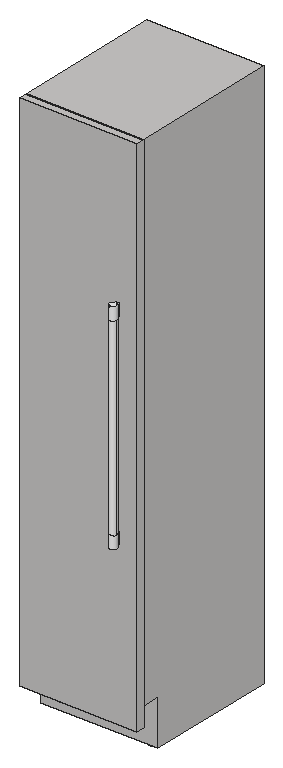
Revit family "T18IF905SP", category Specialty Equipment, Revit 2015
Parameters (values of type "T18IF905SP")
  Width = 451 mm  # constant formula
  Unit = Metal - Stainless Steel
  URL = ""
  Model = "T18IF905SP"  # constant formula
  Manufacturer = ""
  Height = 2134 mm  # constant formula
  Handle = Metal - Steel
  Glide = Metal - Black
  Description = "18-INCH BUILT-IN FREEZER COLUMN WITH INTERNAL ICE MAKER"
  Depth = 610 mm  # constant formula
  Support = Metal - Stainless Steel
Reference planes
  plane 1 "Center (Front/Back)": y = 0
  plane 2: z = 0
  plane 3 "Center (Left/Right)": x = 0
  plane 4: y = 305
  plane 5: y = -305
  plane 6: x = -225.5
  plane 7: x = 225.5
  plane 8: z = 2134
  plane 9: y = -205
  plane 10: z = 103.4
  plane 11: z = 181
  plane 12: z = 2.5
  plane 13: z = 1316.724
  plane 14: z = 948.724
  plane 15: x = -145.553
  plane 16: x = 85.447
  plane 17: z = 1513.009
  plane 18: z = 768.724
  plane 19: x = -225.375
  plane 20: x = 225.375
  plane 21: z = 2132.6
Forms (mm)
  Extrusion 1, solid, material "Metal - Stainless Steel" <- "Unit"
    sketch origin (0, 0, 0) x (1, 0, 0) y (0, 1, 0)
      loop
        line (-225.5, -273.404) -> (-225.5, -305) -> (225.5, -305) -> (225.5, -273.404) -> (-225.5, -273.404)
    from 103.4 to 2132.6
  Extrusion 2, solid, material "Metal - Stainless Steel" <- "Unit"
    sketch origin (0, 0, 0) x (0, 1, 0) y (0, 0, 1)
      loop
        line (-273.404, 181) -> (-205, 181) -> (-205, 2.5) -> (305, 2.5) -> (305, 2134) -> (-273.404, 2134) -> (-273.404, 181)
    from -225.375 to 225.375
  Extrusion 3, solid, material "Metal - Steel" <- "Handle"
    sketch origin (0, 0, 0) x (1, 0, 0) y (0, 1, 0)
      loop
        circle (149.05, -324.579) r 12.76
    from 768.724 to 1513.009
  Extrusion 4, solid, material "Metal - Steel" <- "Handle"
    sketch origin (0, 0, 0) x (1, 0, 0) y (0, 1, 0)
      loop
        arc (143.242, -311.968) -> (149.239, -338.516) -> (154.574, -311.827) r 13.914
        line (154.574, -311.827) -> (154.574, -305) -> (143.242, -305) -> (143.242, -311.968)
    from 1513.009 to 1560.044
  Extrusion 5, solid, material "Metal - Steel" <- "Handle"
    sketch origin (0, 0, -564.285) x (1, 0, 0) y (0, 1, 0)
      loop
        arc (143.242, -311.968) -> (149.239, -338.516) -> (154.574, -311.827) r 13.914
        line (154.574, -311.827) -> (154.574, -305) -> (143.242, -305) -> (143.242, -311.968)
    from 1333.009 to 1287.885
  Extrusion 6, solid, material "Metal - Black" <- "Glide"
    sketch origin (0, 0, 0) x (1, 0, 0) y (0, 1, 0)
      loop
        circle (-190.364, 265.068) r 18
      loop
        circle (190.364, 265.068) r 18
      loop
        circle (-190.364, -183.798) r 18
      loop
        circle (190.364, -183.798) r 18
    from 0 to 2.5
  Extrusion 7, solid, material "Metal - Stainless Steel" <- "Unit"
    sketch origin (0, 0, 0) x (1, 0, 0) y (0, 0, 1)
      loop
        line (-192.436, 69.086) -> (-192.436, 29.086) -> (-152.436, 29.086) -> (-152.436, 69.086) -> (-192.436, 69.086)
    from 205 to 106.498
Cuts and joins
  joined: Extrusion 3, Extrusion 4, Extrusion 5
Dimensions and locks
  equal spacing: plane 6, plane 3 "Center (Left/Right)", plane 7
  "Width": plane 6 to plane 7
  equal spacing: plane 4, plane 1 "Center (Front/Back)", plane 5
  "Depth": plane 4 to plane 5
  "Height": plane 8 to plane 2
  plane 8 to plane 10 = 2030.6 mm
  plane 10 to plane 2 = 103.4 mm
  plane 11 to plane 2 = 181 mm
  plane 9 to plane 5 = 100 mm
  locked: plane 16 to plane 15 at 231
  locked: plane 13 to plane 14 at 368
  equal spacing: plane 19, plane 3 "Center (Left/Right)", plane 20
  aligned and locked: level to plane 2
  aligned and locked: Extrusion 1 sketch curve to plane 6
  aligned and locked: Extrusion 1 sketch curve to plane 7
  aligned and locked: Extrusion 1 sketch curve to plane 5
  aligned and locked: Extrusion 1 to plane 10
  aligned and locked: Extrusion 2 to plane 12
  aligned and locked: Extrusion 4 to Extrusion 3
  aligned and locked: plane 19 to Extrusion 2
  aligned and locked: Extrusion 2 to plane 20
Automatic sketch dimensions
  Extrusion 1 sketch curve to Extrusion 1 sketch curve = 31.596 mm
  Extrusion 2 sketch curve to plane 11 = 0 mm
  Extrusion 2 sketch curve to plane 8 = 0 mm
  Extrusion 2 sketch curve to plane 9 = 0 mm
  Extrusion 2 sketch curve to plane 4 = 0 mm
  Extrusion 2 sketch curve to plane 12 = 0 mm
  plane 5 to Extrusion 2 sketch curve = 31.596 mm
  plane 6 to Extrusion 6 sketch curve = 35.136 mm  (x2)
  Extrusion 6 sketch curve to plane 7 = 35.136 mm  (x2)
  plane 9 to Extrusion 6 sketch curve = 21.202 mm  (x2)
  Extrusion 6 sketch curve to plane 4 = 39.932 mm  (x2)
  Extrusion 3 sketch curve to plane 5 = 19.579 mm
  plane 16 to Extrusion 3 sketch curve = 63.603 mm
  Extrusion 4 sketch curve to plane 5 = 0 mm
  plane 16 to Extrusion 4 sketch curve = 57.794 mm
  Extrusion 4 sketch curve to Extrusion 4 sketch curve = 5.824 mm
  Extrusion 4 sketch curve to Extrusion 4 sketch curve = 11.333 mm
  Extrusion 4 sketch curve to Extrusion 4 sketch curve = 6.827 mm
  Extrusion 4 sketch curve to Extrusion 4 sketch curve = 6.968 mm
  Extrusion 5 sketch curve to plane 5 = 0 mm
  plane 16 to Extrusion 5 sketch curve = 57.794 mm
  Extrusion 5 sketch curve to Extrusion 5 sketch curve = 5.824 mm
  Extrusion 5 sketch curve to Extrusion 5 sketch curve = 11.333 mm
  Extrusion 5 sketch curve to plane 5 = 6.827 mm
  Extrusion 5 sketch curve to Extrusion 5 sketch curve = 6.968 mm
  Extrusion 7 sketch curve to plane 19 = 32.939 mm
  Extrusion 7 sketch curve to plane 15 = 6.884 mm
  plane 12 to Extrusion 7 sketch curve = 26.586 mm
  Extrusion 7 sketch curve to plane 10 = 34.314 mm
  radius of Extrusion 6 sketch curve = 18 mm  (x4)
  radius of Extrusion 3 sketch curve = 12.76 mm
